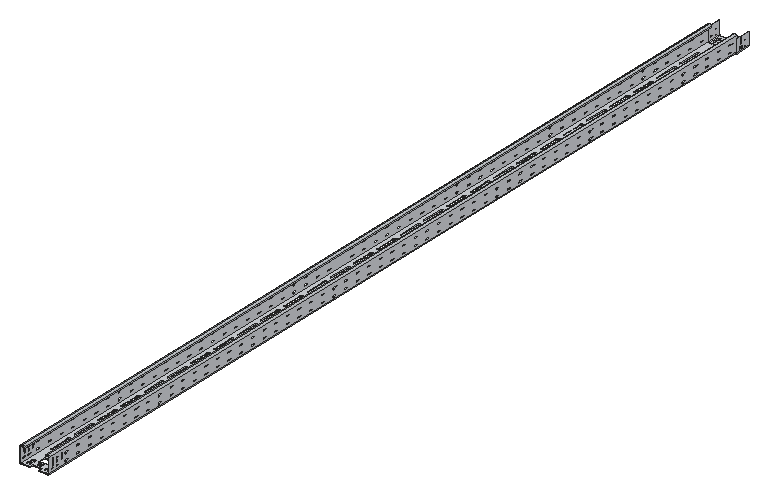
Revit family "Kabelrinne MKS Magic-MKSM Kabelrinne 1 mm, FT,FS", category Generic Models, Revit 2017 (continued)
Forms (mm)
  Extrusion 137, void
    sketch origin (0, 2540.664, 0) x (0, 1, 0) y (0, 0, 1)
      loop
        arc (69.75, 17.5) -> (66.25, 14) -> (69.75, 10.5) r 3.5
        line (69.75, 10.5) -> (82.75, 10.5)
        arc (82.75, 10.5) -> (86.25, 14) -> (82.75, 17.5) r 3.5
    from -49.999 to -48.999
  Extrusion 138, void
    sketch origin (0, 2591.478, 0) x (0, 1, 0) y (0, 0, 1)
      loop
        line (82.75, 17.5) -> (69.75, 17.5)
        arc (69.75, 17.5) -> (66.25, 14) -> (69.75, 10.5) r 3.5
        line (69.75, 10.5) -> (82.75, 10.5)
        arc (82.75, 10.5) -> (86.25, 14) -> (82.75, 17.5) r 3.5
    from -49.999 to -48.999
  Extrusion 139, void
    sketch origin (0, 2642.291, 0) x (0, 1, 0) y (0, 0, 1)
      loop
        line (82.75, 17.5) -> (69.75, 17.5)
        arc (69.75, 17.5) -> (66.25, 14) -> (69.75, 10.5) r 3.5
        line (69.75, 10.5) -> (82.75, 10.5)
        arc (82.75, 10.5) -> (86.25, 14) -> (82.75, 17.5) r 3.5
    from -49.999 to -48.999
  Extrusion 140, void
    sketch origin (0, 2693.105, 0) x (0, 1, 0) y (0, 0, 1)
      loop
        line (82.75, 17.5) -> (69.75, 17.5)
        arc (69.75, 17.5) -> (66.25, 14) -> (69.75, 10.5) r 3.5
        line (69.75, 10.5) -> (82.75, 10.5)
        arc (82.75, 10.5) -> (86.25, 14) -> (82.75, 17.5) r 3.5
    from -49.999 to -48.999
  Extrusion 141, void
    sketch origin (0, 2743.919, 0) x (0, 1, 0) y (0, 0, 1)
      loop
        line (82.75, 17.5) -> (69.75, 17.5)
        arc (69.75, 17.5) -> (66.25, 14) -> (69.75, 10.5) r 3.5
        line (69.75, 10.5) -> (82.75, 10.5)
        arc (82.75, 10.5) -> (86.25, 14) -> (82.75, 17.5) r 3.5
    from -49.999 to -48.999
  Extrusion 142, void
    sketch origin (0, 2794.732, 0) x (0, 1, 0) y (0, 0, 1)
      loop
        line (82.75, 17.5) -> (69.75, 17.5)
        arc (69.75, 17.5) -> (66.25, 14) -> (69.75, 10.5) r 3.5
        line (69.75, 10.5) -> (82.75, 10.5)
        arc (82.75, 10.5) -> (86.25, 14) -> (82.75, 17.5) r 3.5
    from -49.999 to -48.999
  Extrusion 143, void
    sketch origin (0, 2845.546, 0) x (0, 1, 0) y (0, 0, 1)
      loop
        line (82.75, 17.5) -> (69.75, 17.5)
        arc (69.75, 17.5) -> (66.25, 14) -> (69.75, 10.5) r 3.5
        line (69.75, 10.5) -> (82.75, 10.5)
        arc (82.75, 10.5) -> (86.25, 14) -> (82.75, 17.5) r 3.5
    from -49.999 to -48.999
  Extrusion 144, void
    sketch origin (0, 2896.36, 0) x (0, 1, 0) y (0, 0, 1)
      loop
        line (82.75, 17.5) -> (69.75, 17.5)
        arc (69.75, 17.5) -> (66.25, 14) -> (69.75, 10.5) r 3.5
        line (69.75, 10.5) -> (82.75, 10.5)
        arc (82.75, 10.5) -> (86.25, 14) -> (82.75, 17.5) r 3.5
    from -49.999 to -48.999
  Extrusion 145, void
    sketch origin (0, 0, 0) x (0, 1, 0) y (0, 0, 1)
      loop
        line (82.75, 42.5) -> (69.75, 42.5)
        arc (69.75, 42.5) -> (66.25, 39) -> (69.75, 35.5) r 3.5
        line (69.75, 35.5) -> (82.75, 35.5)
        arc (82.75, 35.5) -> (86.25, 39) -> (82.75, 42.5) r 3.5
    from -49.999 to -48.999
  Extrusion 146, void
    sketch origin (0, 0, 0) x (0, 1, 0) y (0, 0, 1)
      loop
        arc (69.75, 42.5) -> (66.25, 39) -> (69.75, 35.5) r 3.5
        line (69.75, 35.5) -> (82.75, 35.5)
        arc (82.75, 35.5) -> (86.25, 39) -> (82.75, 42.5) r 3.5
        line (82.75, 42.5) -> (69.75, 42.5)
    from 49.001 to 50.001
  Extrusion 147, void
    sketch origin (0, 50.816, 0) x (0, 1, 0) y (0, 0, 1)
      loop
        line (82.75, 42.5) -> (69.75, 42.5)
        arc (69.75, 42.5) -> (66.25, 39) -> (69.75, 35.5) r 3.5
        line (69.75, 35.5) -> (82.75, 35.5)
        arc (82.75, 35.5) -> (86.25, 39) -> (82.75, 42.5) r 3.5
    from -49.999 to -48.999
  Extrusion 148, void
    sketch origin (0, 101.626, 0) x (0, 1, 0) y (0, 0, 1)
      loop
        line (82.75, 42.5) -> (69.75, 42.5)
        arc (69.75, 42.5) -> (66.25, 39) -> (69.75, 35.5) r 3.5
        line (69.75, 35.5) -> (82.75, 35.5)
        arc (82.75, 35.5) -> (86.25, 39) -> (82.75, 42.5) r 3.5
    from -49.999 to -48.999
  Extrusion 149, void
    sketch origin (0, 152.437, 0) x (0, 1, 0) y (0, 0, 1)
      loop
        line (82.75, 42.5) -> (69.75, 42.5)
        arc (69.75, 42.5) -> (66.25, 39) -> (69.75, 35.5) r 3.5
        line (69.75, 35.5) -> (82.75, 35.5)
        arc (82.75, 35.5) -> (86.25, 39) -> (82.75, 42.5) r 3.5
    from -49.999 to -48.999
  Extrusion 150, void
    sketch origin (0, 203.247, 0) x (0, 1, 0) y (0, 0, 1)
      loop
        line (82.75, 42.5) -> (69.75, 42.5)
        arc (69.75, 42.5) -> (66.25, 39) -> (69.75, 35.5) r 3.5
        line (69.75, 35.5) -> (82.75, 35.5)
        arc (82.75, 35.5) -> (86.25, 39) -> (82.75, 42.5) r 3.5
    from -49.999 to -48.999
  Extrusion 151, void
    sketch origin (0, 254.057, 0) x (0, 1, 0) y (0, 0, 1)
      loop
        line (82.75, 42.5) -> (69.75, 42.5)
        arc (69.75, 42.5) -> (66.25, 39) -> (69.75, 35.5) r 3.5
        line (69.75, 35.5) -> (82.75, 35.5)
        arc (82.75, 35.5) -> (86.25, 39) -> (82.75, 42.5) r 3.5
    from -49.999 to -48.999
  Extrusion 152, void
    sketch origin (0, 304.867, 0) x (0, 1, 0) y (0, 0, 1)
      loop
        line (82.75, 42.5) -> (69.75, 42.5)
        arc (69.75, 42.5) -> (66.25, 39) -> (69.75, 35.5) r 3.5
        line (69.75, 35.5) -> (82.75, 35.5)
        arc (82.75, 35.5) -> (86.25, 39) -> (82.75, 42.5) r 3.5
    from -49.999 to -48.999
  Extrusion 153, void
    sketch origin (0, 355.678, 0) x (0, 1, 0) y (0, 0, 1)
      loop
        line (82.75, 42.5) -> (69.75, 42.5)
        arc (69.75, 42.5) -> (66.25, 39) -> (69.75, 35.5) r 3.5
        line (69.75, 35.5) -> (82.75, 35.5)
        arc (82.75, 35.5) -> (86.25, 39) -> (82.75, 42.5) r 3.5
    from -49.999 to -48.999
  Extrusion 154, void
    sketch origin (0, 406.488, 0) x (0, 1, 0) y (0, 0, 1)
      loop
        line (82.75, 42.5) -> (69.75, 42.5)
        arc (69.75, 42.5) -> (66.25, 39) -> (69.75, 35.5) r 3.5
        line (69.75, 35.5) -> (82.75, 35.5)
        arc (82.75, 35.5) -> (86.25, 39) -> (82.75, 42.5) r 3.5
    from -49.999 to -48.999
  Extrusion 155, void
    sketch origin (0, 457.298, 0) x (0, 1, 0) y (0, 0, 1)
      loop
        line (82.75, 42.5) -> (69.75, 42.5)
        arc (69.75, 42.5) -> (66.25, 39) -> (69.75, 35.5) r 3.5
        line (69.75, 35.5) -> (82.75, 35.5)
        arc (82.75, 35.5) -> (86.25, 39) -> (82.75, 42.5) r 3.5
    from -49.999 to -48.999
  Extrusion 156, void
    sketch origin (0, 508.109, 0) x (0, 1, 0) y (0, 0, 1)
      loop
        line (82.75, 42.5) -> (69.75, 42.5)
        arc (69.75, 42.5) -> (66.25, 39) -> (69.75, 35.5) r 3.5
        line (69.75, 35.5) -> (82.75, 35.5)
        arc (82.75, 35.5) -> (86.25, 39) -> (82.75, 42.5) r 3.5
    from -49.999 to -48.999
  Extrusion 157, void
    sketch origin (0, 558.919, 0) x (0, 1, 0) y (0, 0, 1)
      loop
        line (82.75, 42.5) -> (69.75, 42.5)
        arc (69.75, 42.5) -> (66.25, 39) -> (69.75, 35.5) r 3.5
        line (69.75, 35.5) -> (82.75, 35.5)
        arc (82.75, 35.5) -> (86.25, 39) -> (82.75, 42.5) r 3.5
    from -49.999 to -48.999
  Extrusion 158, void
    sketch origin (0, 609.729, 0) x (0, 1, 0) y (0, 0, 1)
      loop
        line (82.75, 42.5) -> (69.75, 42.5)
        arc (69.75, 42.5) -> (66.25, 39) -> (69.75, 35.5) r 3.5
        line (69.75, 35.5) -> (82.75, 35.5)
        arc (82.75, 35.5) -> (86.25, 39) -> (82.75, 42.5) r 3.5
    from -49.999 to -48.999
  Extrusion 159, void
    sketch origin (0, 660.54, 0) x (0, 1, 0) y (0, 0, 1)
      loop
        line (82.75, 42.5) -> (69.75, 42.5)
        arc (69.75, 42.5) -> (66.25, 39) -> (69.75, 35.5) r 3.5
        line (69.75, 35.5) -> (82.75, 35.5)
        arc (82.75, 35.5) -> (86.25, 39) -> (82.75, 42.5) r 3.5
    from -49.999 to -48.999
  Extrusion 160, void
    sketch origin (0, 711.35, 0) x (0, 1, 0) y (0, 0, 1)
      loop
        line (82.75, 42.5) -> (69.75, 42.5)
        arc (69.75, 42.5) -> (66.25, 39) -> (69.75, 35.5) r 3.5
        line (69.75, 35.5) -> (82.75, 35.5)
        arc (82.75, 35.5) -> (86.25, 39) -> (82.75, 42.5) r 3.5
    from -49.999 to -48.999
  Extrusion 161, void
    sketch origin (0, 762.16, 0) x (0, 1, 0) y (0, 0, 1)
      loop
        line (82.75, 42.5) -> (69.75, 42.5)
        arc (69.75, 42.5) -> (66.25, 39) -> (69.75, 35.5) r 3.5
        line (69.75, 35.5) -> (82.75, 35.5)
        arc (82.75, 35.5) -> (86.25, 39) -> (82.75, 42.5) r 3.5
    from -49.999 to -48.999
  Extrusion 162, void
    sketch origin (0, 812.97, 0) x (0, 1, 0) y (0, 0, 1)
      loop
        line (82.75, 42.5) -> (69.75, 42.5)
        arc (69.75, 42.5) -> (66.25, 39) -> (69.75, 35.5) r 3.5
        line (69.75, 35.5) -> (82.75, 35.5)
        arc (82.75, 35.5) -> (86.25, 39) -> (82.75, 42.5) r 3.5
    from -49.999 to -48.999
  Extrusion 163, void
    sketch origin (0, 863.781, 0) x (0, 1, 0) y (0, 0, 1)
      loop
        line (82.75, 42.5) -> (69.75, 42.5)
        arc (69.75, 42.5) -> (66.25, 39) -> (69.75, 35.5) r 3.5
        line (69.75, 35.5) -> (82.75, 35.5)
        arc (82.75, 35.5) -> (86.25, 39) -> (82.75, 42.5) r 3.5
    from -49.999 to -48.999
  Extrusion 164, void
    sketch origin (0, 914.591, 0) x (0, 1, 0) y (0, 0, 1)
      loop
        line (82.75, 42.5) -> (69.75, 42.5)
        arc (69.75, 42.5) -> (66.25, 39) -> (69.75, 35.5) r 3.5
        line (69.75, 35.5) -> (82.75, 35.5)
        arc (82.75, 35.5) -> (86.25, 39) -> (82.75, 42.5) r 3.5
    from -49.999 to -48.999
  Extrusion 165, void
    sketch origin (0, 965.401, 0) x (0, 1, 0) y (0, 0, 1)
      loop
        line (82.75, 42.5) -> (69.75, 42.5)
        arc (69.75, 42.5) -> (66.25, 39) -> (69.75, 35.5) r 3.5
        line (69.75, 35.5) -> (82.75, 35.5)
        arc (82.75, 35.5) -> (86.25, 39) -> (82.75, 42.5) r 3.5
    from -49.999 to -48.999
  Extrusion 166, void
    sketch origin (0, 1016.212, 0) x (0, 1, 0) y (0, 0, 1)
      loop
        line (82.75, 42.5) -> (69.75, 42.5)
        arc (69.75, 42.5) -> (66.25, 39) -> (69.75, 35.5) r 3.5
        line (69.75, 35.5) -> (82.75, 35.5)
        arc (82.75, 35.5) -> (86.25, 39) -> (82.75, 42.5) r 3.5
    from -49.999 to -48.999
  Extrusion 167, void
    sketch origin (0, 1067.022, 0) x (0, 1, 0) y (0, 0, 1)
      loop
        line (82.75, 42.5) -> (69.75, 42.5)
        arc (69.75, 42.5) -> (66.25, 39) -> (69.75, 35.5) r 3.5
        line (69.75, 35.5) -> (82.75, 35.5)
        arc (82.75, 35.5) -> (86.25, 39) -> (82.75, 42.5) r 3.5
    from -49.999 to -48.999
  Extrusion 168, void
    sketch origin (0, 1117.832, 0) x (0, 1, 0) y (0, 0, 1)
      loop
        line (82.75, 42.5) -> (69.75, 42.5)
        arc (69.75, 42.5) -> (66.25, 39) -> (69.75, 35.5) r 3.5
        line (69.75, 35.5) -> (82.75, 35.5)
        arc (82.75, 35.5) -> (86.25, 39) -> (82.75, 42.5) r 3.5
    from -49.999 to -48.999
  Extrusion 169, void
    sketch origin (0, 1168.643, 0) x (0, 1, 0) y (0, 0, 1)
      loop
        line (82.75, 42.5) -> (69.75, 42.5)
        arc (69.75, 42.5) -> (66.25, 39) -> (69.75, 35.5) r 3.5
        line (69.75, 35.5) -> (82.75, 35.5)
        arc (82.75, 35.5) -> (86.25, 39) -> (82.75, 42.5) r 3.5
    from -49.999 to -48.999
  Extrusion 170, void
    sketch origin (0, 1219.453, 0) x (0, 1, 0) y (0, 0, 1)
      loop
        line (82.75, 42.5) -> (69.75, 42.5)
        arc (69.75, 42.5) -> (66.25, 39) -> (69.75, 35.5) r 3.5
        line (69.75, 35.5) -> (82.75, 35.5)
        arc (82.75, 35.5) -> (86.25, 39) -> (82.75, 42.5) r 3.5
    from -49.999 to -48.999
  Extrusion 171, void
    sketch origin (0, 1270.263, 0) x (0, 1, 0) y (0, 0, 1)
      loop
        line (82.75, 42.5) -> (69.75, 42.5)
        arc (69.75, 42.5) -> (66.25, 39) -> (69.75, 35.5) r 3.5
        line (69.75, 35.5) -> (82.75, 35.5)
        arc (82.75, 35.5) -> (86.25, 39) -> (82.75, 42.5) r 3.5
    from -49.999 to -48.999
  Extrusion 172, void
    sketch origin (0, 1321.073, 0) x (0, 1, 0) y (0, 0, 1)
      loop
        line (82.75, 42.5) -> (69.75, 42.5)
        arc (69.75, 42.5) -> (66.25, 39) -> (69.75, 35.5) r 3.5
        line (69.75, 35.5) -> (82.75, 35.5)
        arc (82.75, 35.5) -> (86.25, 39) -> (82.75, 42.5) r 3.5
    from -49.999 to -48.999
  Extrusion 173, void
    sketch origin (0, 1371.884, 0) x (0, 1, 0) y (0, 0, 1)
      loop
        line (82.75, 42.5) -> (69.75, 42.5)
        arc (69.75, 42.5) -> (66.25, 39) -> (69.75, 35.5) r 3.5
        line (69.75, 35.5) -> (82.75, 35.5)
        arc (82.75, 35.5) -> (86.25, 39) -> (82.75, 42.5) r 3.5
    from -49.999 to -48.999
  Extrusion 174, void
    sketch origin (0, 1422.694, 0) x (0, 1, 0) y (0, 0, 1)
      loop
        line (82.75, 42.5) -> (69.75, 42.5)
        arc (69.75, 42.5) -> (66.25, 39) -> (69.75, 35.5) r 3.5
        line (69.75, 35.5) -> (82.75, 35.5)
        arc (82.75, 35.5) -> (86.25, 39) -> (82.75, 42.5) r 3.5
    from -49.999 to -48.999
  Extrusion 175, void
    sketch origin (0, 1473.504, 0) x (0, 1, 0) y (0, 0, 1)
      loop
        line (82.75, 42.5) -> (69.75, 42.5)
        arc (69.75, 42.5) -> (66.25, 39) -> (69.75, 35.5) r 3.5
        line (69.75, 35.5) -> (82.75, 35.5)
        arc (82.75, 35.5) -> (86.25, 39) -> (82.75, 42.5) r 3.5
    from -49.999 to -48.999
  Extrusion 176, void
    sketch origin (0, 1524.315, 0) x (0, 1, 0) y (0, 0, 1)
      loop
        line (82.75, 42.5) -> (69.75, 42.5)
        arc (69.75, 42.5) -> (66.25, 39) -> (69.75, 35.5) r 3.5
        line (69.75, 35.5) -> (82.75, 35.5)
        arc (82.75, 35.5) -> (86.25, 39) -> (82.75, 42.5) r 3.5
    from -49.999 to -48.999
  Extrusion 177, void
    sketch origin (0, 1575.125, 0) x (0, 1, 0) y (0, 0, 1)
      loop
        line (82.75, 42.5) -> (69.75, 42.5)
        arc (69.75, 42.5) -> (66.25, 39) -> (69.75, 35.5) r 3.5
        line (69.75, 35.5) -> (82.75, 35.5)
        arc (82.75, 35.5) -> (86.25, 39) -> (82.75, 42.5) r 3.5
    from -49.999 to -48.999
  Extrusion 178, void
    sketch origin (0, 1625.935, 0) x (0, 1, 0) y (0, 0, 1)
      loop
        line (82.75, 42.5) -> (69.75, 42.5)
        arc (69.75, 42.5) -> (66.25, 39) -> (69.75, 35.5) r 3.5
        line (69.75, 35.5) -> (82.75, 35.5)
        arc (82.75, 35.5) -> (86.25, 39) -> (82.75, 42.5) r 3.5
    from -49.999 to -48.999
  Extrusion 179, void
    sketch origin (0, 1676.746, 0) x (0, 1, 0) y (0, 0, 1)
      loop
        line (82.75, 42.5) -> (69.75, 42.5)
        arc (69.75, 42.5) -> (66.25, 39) -> (69.75, 35.5) r 3.5
        line (69.75, 35.5) -> (82.75, 35.5)
        arc (82.75, 35.5) -> (86.25, 39) -> (82.75, 42.5) r 3.5
    from -49.999 to -48.999
  Extrusion 180, void
    sketch origin (0, 1727.556, 0) x (0, 1, 0) y (0, 0, 1)
      loop
        line (82.75, 42.5) -> (69.75, 42.5)
        arc (69.75, 42.5) -> (66.25, 39) -> (69.75, 35.5) r 3.5
        line (69.75, 35.5) -> (82.75, 35.5)
        arc (82.75, 35.5) -> (86.25, 39) -> (82.75, 42.5) r 3.5
    from -49.999 to -48.999
  Extrusion 181, void
    sketch origin (0, 1778.366, 0) x (0, 1, 0) y (0, 0, 1)
      loop
        line (82.75, 42.5) -> (69.75, 42.5)
        arc (69.75, 42.5) -> (66.25, 39) -> (69.75, 35.5) r 3.5
        line (69.75, 35.5) -> (82.75, 35.5)
        arc (82.75, 35.5) -> (86.25, 39) -> (82.75, 42.5) r 3.5
    from -49.999 to -48.999
  Extrusion 182, void
    sketch origin (0, 1829.176, 0) x (0, 1, 0) y (0, 0, 1)
      loop
        line (82.75, 42.5) -> (69.75, 42.5)
        arc (69.75, 42.5) -> (66.25, 39) -> (69.75, 35.5) r 3.5
        line (69.75, 35.5) -> (82.75, 35.5)
        arc (82.75, 35.5) -> (86.25, 39) -> (82.75, 42.5) r 3.5
    from -49.999 to -48.999
  Extrusion 183, void
    sketch origin (0, 1879.987, 0) x (0, 1, 0) y (0, 0, 1)
      loop
        line (82.75, 42.5) -> (69.75, 42.5)
        arc (69.75, 42.5) -> (66.25, 39) -> (69.75, 35.5) r 3.5
        line (69.75, 35.5) -> (82.75, 35.5)
        arc (82.75, 35.5) -> (86.25, 39) -> (82.75, 42.5) r 3.5
    from -49.999 to -48.999
  Extrusion 184, void
    sketch origin (0, 1930.797, 0) x (0, 1, 0) y (0, 0, 1)
      loop
        line (82.75, 42.5) -> (69.75, 42.5)
        arc (69.75, 42.5) -> (66.25, 39) -> (69.75, 35.5) r 3.5
        line (69.75, 35.5) -> (82.75, 35.5)
        arc (82.75, 35.5) -> (86.25, 39) -> (82.75, 42.5) r 3.5
    from -49.999 to -48.999
  Extrusion 185, void
    sketch origin (0, 1981.607, 0) x (0, 1, 0) y (0, 0, 1)
      loop
        line (82.75, 42.5) -> (69.75, 42.5)
        arc (69.75, 42.5) -> (66.25, 39) -> (69.75, 35.5) r 3.5
        line (69.75, 35.5) -> (82.75, 35.5)
        arc (82.75, 35.5) -> (86.25, 39) -> (82.75, 42.5) r 3.5
    from -49.999 to -48.999
  Extrusion 186, void
    sketch origin (0, 2032.418, 0) x (0, 1, 0) y (0, 0, 1)
      loop
        line (82.75, 42.5) -> (69.75, 42.5)
        arc (69.75, 42.5) -> (66.25, 39) -> (69.75, 35.5) r 3.5
        line (69.75, 35.5) -> (82.75, 35.5)
        arc (82.75, 35.5) -> (86.25, 39) -> (82.75, 42.5) r 3.5
    from -49.999 to -48.999
  Extrusion 187, void
    sketch origin (0, 2083.228, 0) x (0, 1, 0) y (0, 0, 1)
      loop
        line (82.75, 42.5) -> (69.75, 42.5)
        arc (69.75, 42.5) -> (66.25, 39) -> (69.75, 35.5) r 3.5
        line (69.75, 35.5) -> (82.75, 35.5)
        arc (82.75, 35.5) -> (86.25, 39) -> (82.75, 42.5) r 3.5
    from -49.999 to -48.999
  Extrusion 188, void
    sketch origin (0, 2134.038, 0) x (0, 1, 0) y (0, 0, 1)
      loop
        line (82.75, 42.5) -> (69.75, 42.5)
        arc (69.75, 42.5) -> (66.25, 39) -> (69.75, 35.5) r 3.5
        line (69.75, 35.5) -> (82.75, 35.5)
        arc (82.75, 35.5) -> (86.25, 39) -> (82.75, 42.5) r 3.5
    from -49.999 to -48.999
  Extrusion 189, void
    sketch origin (0, 2184.849, 0) x (0, 1, 0) y (0, 0, 1)
      loop
        line (82.75, 42.5) -> (69.75, 42.5)
        arc (69.75, 42.5) -> (66.25, 39) -> (69.75, 35.5) r 3.5
        line (69.75, 35.5) -> (82.75, 35.5)
        arc (82.75, 35.5) -> (86.25, 39) -> (82.75, 42.5) r 3.5
    from -49.999 to -48.999
  Extrusion 190, void
    sketch origin (0, 2235.659, 0) x (0, 1, 0) y (0, 0, 1)
      loop
        line (82.75, 42.5) -> (69.75, 42.5)
        arc (69.75, 42.5) -> (66.25, 39) -> (69.75, 35.5) r 3.5
        line (69.75, 35.5) -> (82.75, 35.5)
        arc (82.75, 35.5) -> (86.25, 39) -> (82.75, 42.5) r 3.5
    from -49.999 to -48.999
  Extrusion 191, void
    sketch origin (0, 2286.469, 0) x (0, 1, 0) y (0, 0, 1)
      loop
        line (82.75, 42.5) -> (69.75, 42.5)
        arc (69.75, 42.5) -> (66.25, 39) -> (69.75, 35.5) r 3.5
        line (69.75, 35.5) -> (82.75, 35.5)
        arc (82.75, 35.5) -> (86.25, 39) -> (82.75, 42.5) r 3.5
    from -49.999 to -48.999
  Extrusion 192, void
    sketch origin (0, 2337.279, 0) x (0, 1, 0) y (0, 0, 1)
      loop
        line (82.75, 42.5) -> (69.75, 42.5)
        arc (69.75, 42.5) -> (66.25, 39) -> (69.75, 35.5) r 3.5
        line (69.75, 35.5) -> (82.75, 35.5)
        arc (82.75, 35.5) -> (86.25, 39) -> (82.75, 42.5) r 3.5
    from -49.999 to -48.999
  Extrusion 193, void
    sketch origin (0, 2388.09, 0) x (0, 1, 0) y (0, 0, 1)
      loop
        line (82.75, 42.5) -> (69.75, 42.5)
        arc (69.75, 42.5) -> (66.25, 39) -> (69.75, 35.5) r 3.5
        line (69.75, 35.5) -> (82.75, 35.5)
        arc (82.75, 35.5) -> (86.25, 39) -> (82.75, 42.5) r 3.5
    from -49.999 to -48.999
  Extrusion 194, void
    sketch origin (0, 2438.9, 0) x (0, 1, 0) y (0, 0, 1)
      loop
        line (82.75, 42.5) -> (69.75, 42.5)
        arc (69.75, 42.5) -> (66.25, 39) -> (69.75, 35.5) r 3.5
        line (69.75, 35.5) -> (82.75, 35.5)
        arc (82.75, 35.5) -> (86.25, 39) -> (82.75, 42.5) r 3.5
    from -49.999 to -48.999
  Extrusion 195, void
    sketch origin (0, 2489.71, 0) x (0, 1, 0) y (0, 0, 1)
      loop
        line (82.75, 42.5) -> (69.75, 42.5)
        arc (69.75, 42.5) -> (66.25, 39) -> (69.75, 35.5) r 3.5
        line (69.75, 35.5) -> (82.75, 35.5)
        arc (82.75, 35.5) -> (86.25, 39) -> (82.75, 42.5) r 3.5
    from -49.999 to -48.999
  Extrusion 196, void
    sketch origin (0, 2540.521, 0) x (0, 1, 0) y (0, 0, 1)
      loop
        line (82.75, 42.5) -> (69.75, 42.5)
        arc (69.75, 42.5) -> (66.25, 39) -> (69.75, 35.5) r 3.5
        line (69.75, 35.5) -> (82.75, 35.5)
        arc (82.75, 35.5) -> (86.25, 39) -> (82.75, 42.5) r 3.5
    from -49.999 to -48.999
  Extrusion 197, void
    sketch origin (0, 2591.331, 0) x (0, 1, 0) y (0, 0, 1)
      loop
        line (82.75, 42.5) -> (69.75, 42.5)
        arc (69.75, 42.5) -> (66.25, 39) -> (69.75, 35.5) r 3.5
        line (69.75, 35.5) -> (82.75, 35.5)
        arc (82.75, 35.5) -> (86.25, 39) -> (82.75, 42.5) r 3.5
    from -49.999 to -48.999
  Extrusion 198, void
    sketch origin (0, 2642.141, 0) x (0, 1, 0) y (0, 0, 1)
      loop
        line (82.75, 42.5) -> (69.75, 42.5)
        arc (69.75, 42.5) -> (66.25, 39) -> (69.75, 35.5) r 3.5
        line (69.75, 35.5) -> (82.75, 35.5)
        arc (82.75, 35.5) -> (86.25, 39) -> (82.75, 42.5) r 3.5
    from -49.999 to -48.999
  Extrusion 199, void
    sketch origin (0, 2692.952, 0) x (0, 1, 0) y (0, 0, 1)
      loop
        line (82.75, 42.5) -> (69.75, 42.5)
        arc (69.75, 42.5) -> (66.25, 39) -> (69.75, 35.5) r 3.5
        line (69.75, 35.5) -> (82.75, 35.5)
        arc (82.75, 35.5) -> (86.25, 39) -> (82.75, 42.5) r 3.5
    from -49.999 to -48.999
  Extrusion 200, void
    sketch origin (0, 2743.762, 0) x (0, 1, 0) y (0, 0, 1)
      loop
        line (82.75, 42.5) -> (69.75, 42.5)
        arc (69.75, 42.5) -> (66.25, 39) -> (69.75, 35.5) r 3.5
        line (69.75, 35.5) -> (82.75, 35.5)
        arc (82.75, 35.5) -> (86.25, 39) -> (82.75, 42.5) r 3.5
    from -49.999 to -48.999
  Extrusion 201, void
    sketch origin (0, 2794.572, 0) x (0, 1, 0) y (0, 0, 1)
      loop
        line (82.75, 42.5) -> (69.75, 42.5)
        arc (69.75, 42.5) -> (66.25, 39) -> (69.75, 35.5) r 3.5
        line (69.75, 35.5) -> (82.75, 35.5)
        arc (82.75, 35.5) -> (86.25, 39) -> (82.75, 42.5) r 3.5
    from -49.999 to -48.999
  Extrusion 202, void
    sketch origin (0, 2845.383, 0) x (0, 1, 0) y (0, 0, 1)
      loop
        line (82.75, 42.5) -> (69.75, 42.5)
        arc (69.75, 42.5) -> (66.25, 39) -> (69.75, 35.5) r 3.5
        line (69.75, 35.5) -> (82.75, 35.5)
        arc (82.75, 35.5) -> (86.25, 39) -> (82.75, 42.5) r 3.5
    from -49.999 to -48.999
  Extrusion 203, void
    sketch origin (0, 2896.193, 0) x (0, 1, 0) y (0, 0, 1)
      loop
        line (82.75, 42.5) -> (69.75, 42.5)
        arc (69.75, 42.5) -> (66.25, 39) -> (69.75, 35.5) r 3.5
        line (69.75, 35.5) -> (82.75, 35.5)
        arc (82.75, 35.5) -> (86.25, 39) -> (82.75, 42.5) r 3.5
    from -49.999 to -48.999
  Extrusion 204, void
    sketch origin (0, 50.83, 0) x (0, 1, 0) y (0, 0, 1)
      loop
        arc (69.75, 42.5) -> (66.25, 39) -> (69.75, 35.5) r 3.5
        line (69.75, 35.5) -> (82.75, 35.5)
        arc (82.75, 35.5) -> (86.25, 39) -> (82.75, 42.5) r 3.5
        line (82.75, 42.5) -> (69.75, 42.5)
    from 49.001 to 50.001
  Extrusion 205, void
    sketch origin (0, 101.64, 0) x (0, 1, 0) y (0, 0, 1)
      loop
        arc (69.75, 42.5) -> (66.25, 39) -> (69.75, 35.5) r 3.5
        line (69.75, 35.5) -> (82.75, 35.5)
        arc (82.75, 35.5) -> (86.25, 39) -> (82.75, 42.5) r 3.5
        line (82.75, 42.5) -> (69.75, 42.5)
    from 49.001 to 50.001
  Extrusion 206, void
    sketch origin (0, 152.45, 0) x (0, 1, 0) y (0, 0, 1)
      loop
        arc (69.75, 42.5) -> (66.25, 39) -> (69.75, 35.5) r 3.5
        line (69.75, 35.5) -> (82.75, 35.5)
        arc (82.75, 35.5) -> (86.25, 39) -> (82.75, 42.5) r 3.5
        line (82.75, 42.5) -> (69.75, 42.5)
    from 49.001 to 50.001
  Extrusion 207, void
    sketch origin (0, 203.261, 0) x (0, 1, 0) y (0, 0, 1)
      loop
        arc (69.75, 42.5) -> (66.25, 39) -> (69.75, 35.5) r 3.5
        line (69.75, 35.5) -> (82.75, 35.5)
        arc (82.75, 35.5) -> (86.25, 39) -> (82.75, 42.5) r 3.5
        line (82.75, 42.5) -> (69.75, 42.5)
    from 49.001 to 50.001
  Extrusion 208, void
    sketch origin (0, 254.071, 0) x (0, 1, 0) y (0, 0, 1)
      loop
        arc (69.75, 42.5) -> (66.25, 39) -> (69.75, 35.5) r 3.5
        line (69.75, 35.5) -> (82.75, 35.5)
        arc (82.75, 35.5) -> (86.25, 39) -> (82.75, 42.5) r 3.5
        line (82.75, 42.5) -> (69.75, 42.5)
    from 49.001 to 50.001
  Extrusion 209, void
    sketch origin (0, 304.881, 0) x (0, 1, 0) y (0, 0, 1)
      loop
        arc (69.75, 42.5) -> (66.25, 39) -> (69.75, 35.5) r 3.5
        line (69.75, 35.5) -> (82.75, 35.5)
        arc (82.75, 35.5) -> (86.25, 39) -> (82.75, 42.5) r 3.5
        line (82.75, 42.5) -> (69.75, 42.5)
    from 49.001 to 50.001
  Extrusion 210, void
    sketch origin (0, 355.691, 0) x (0, 1, 0) y (0, 0, 1)
      loop
        arc (69.75, 42.5) -> (66.25, 39) -> (69.75, 35.5) r 3.5
        line (69.75, 35.5) -> (82.75, 35.5)
        arc (82.75, 35.5) -> (86.25, 39) -> (82.75, 42.5) r 3.5
        line (82.75, 42.5) -> (69.75, 42.5)
    from 49.001 to 50.001
  Extrusion 211, void
    sketch origin (0, 406.502, 0) x (0, 1, 0) y (0, 0, 1)
      loop
        arc (69.75, 42.5) -> (66.25, 39) -> (69.75, 35.5) r 3.5
        line (69.75, 35.5) -> (82.75, 35.5)
        arc (82.75, 35.5) -> (86.25, 39) -> (82.75, 42.5) r 3.5
        line (82.75, 42.5) -> (69.75, 42.5)
    from 49.001 to 50.001
  Extrusion 212, void
    sketch origin (0, 457.312, 0) x (0, 1, 0) y (0, 0, 1)
      loop
        arc (69.75, 42.5) -> (66.25, 39) -> (69.75, 35.5) r 3.5
        line (69.75, 35.5) -> (82.75, 35.5)
        arc (82.75, 35.5) -> (86.25, 39) -> (82.75, 42.5) r 3.5
        line (82.75, 42.5) -> (69.75, 42.5)
    from 49.001 to 50.001
  Extrusion 213, void
    sketch origin (0, 508.122, 0) x (0, 1, 0) y (0, 0, 1)
      loop
        arc (69.75, 42.5) -> (66.25, 39) -> (69.75, 35.5) r 3.5
        line (69.75, 35.5) -> (82.75, 35.5)
        arc (82.75, 35.5) -> (86.25, 39) -> (82.75, 42.5) r 3.5
        line (82.75, 42.5) -> (69.75, 42.5)
    from 49.001 to 50.001
  Extrusion 214, void
    sketch origin (0, 558.933, 0) x (0, 1, 0) y (0, 0, 1)
      loop
        arc (69.75, 42.5) -> (66.25, 39) -> (69.75, 35.5) r 3.5
        line (69.75, 35.5) -> (82.75, 35.5)
        arc (82.75, 35.5) -> (86.25, 39) -> (82.75, 42.5) r 3.5
        line (82.75, 42.5) -> (69.75, 42.5)
    from 49.001 to 50.001
  Extrusion 215, void
    sketch origin (0, 609.743, 0) x (0, 1, 0) y (0, 0, 1)
      loop
        arc (69.75, 42.5) -> (66.25, 39) -> (69.75, 35.5) r 3.5
        line (69.75, 35.5) -> (82.75, 35.5)
        arc (82.75, 35.5) -> (86.25, 39) -> (82.75, 42.5) r 3.5
        line (82.75, 42.5) -> (69.75, 42.5)
    from 49.001 to 50.001
  Extrusion 216, void
    sketch origin (0, 660.553, 0) x (0, 1, 0) y (0, 0, 1)
      loop
        arc (69.75, 42.5) -> (66.25, 39) -> (69.75, 35.5) r 3.5
        line (69.75, 35.5) -> (82.75, 35.5)
        arc (82.75, 35.5) -> (86.25, 39) -> (82.75, 42.5) r 3.5
        line (82.75, 42.5) -> (69.75, 42.5)
    from 49.001 to 50.001
  Extrusion 217, void
    sketch origin (0, 711.364, 0) x (0, 1, 0) y (0, 0, 1)
      loop
        arc (69.75, 42.5) -> (66.25, 39) -> (69.75, 35.5) r 3.5
        line (69.75, 35.5) -> (82.75, 35.5)
        arc (82.75, 35.5) -> (86.25, 39) -> (82.75, 42.5) r 3.5
        line (82.75, 42.5) -> (69.75, 42.5)
    from 49.001 to 50.001
  Extrusion 218, void
    sketch origin (0, 762.174, 0) x (0, 1, 0) y (0, 0, 1)
      loop
        arc (69.75, 42.5) -> (66.25, 39) -> (69.75, 35.5) r 3.5
        line (69.75, 35.5) -> (82.75, 35.5)
        arc (82.75, 35.5) -> (86.25, 39) -> (82.75, 42.5) r 3.5
        line (82.75, 42.5) -> (69.75, 42.5)
    from 49.001 to 50.001
  Extrusion 219, void
    sketch origin (0, 812.984, 0) x (0, 1, 0) y (0, 0, 1)
      loop
        arc (69.75, 42.5) -> (66.25, 39) -> (69.75, 35.5) r 3.5
        line (69.75, 35.5) -> (82.75, 35.5)
        arc (82.75, 35.5) -> (86.25, 39) -> (82.75, 42.5) r 3.5
        line (82.75, 42.5) -> (69.75, 42.5)
    from 49.001 to 50.001
  Extrusion 220, void
    sketch origin (0, 863.794, 0) x (0, 1, 0) y (0, 0, 1)
      loop
        arc (69.75, 42.5) -> (66.25, 39) -> (69.75, 35.5) r 3.5
        line (69.75, 35.5) -> (82.75, 35.5)
        arc (82.75, 35.5) -> (86.25, 39) -> (82.75, 42.5) r 3.5
        line (82.75, 42.5) -> (69.75, 42.5)
    from 49.001 to 50.001
  Extrusion 221, void
    sketch origin (0, 914.605, 0) x (0, 1, 0) y (0, 0, 1)
      loop
        arc (69.75, 42.5) -> (66.25, 39) -> (69.75, 35.5) r 3.5
        line (69.75, 35.5) -> (82.75, 35.5)
        arc (82.75, 35.5) -> (86.25, 39) -> (82.75, 42.5) r 3.5
        line (82.75, 42.5) -> (69.75, 42.5)
    from 49.001 to 50.001
  Extrusion 222, void
    sketch origin (0, 965.415, 0) x (0, 1, 0) y (0, 0, 1)
      loop
        arc (69.75, 42.5) -> (66.25, 39) -> (69.75, 35.5) r 3.5
        line (69.75, 35.5) -> (82.75, 35.5)
        arc (82.75, 35.5) -> (86.25, 39) -> (82.75, 42.5) r 3.5
        line (82.75, 42.5) -> (69.75, 42.5)
    from 49.001 to 50.001
  Extrusion 223, void
    sketch origin (0, 1016.225, 0) x (0, 1, 0) y (0, 0, 1)
      loop
        arc (69.75, 42.5) -> (66.25, 39) -> (69.75, 35.5) r 3.5
        line (69.75, 35.5) -> (82.75, 35.5)
        arc (82.75, 35.5) -> (86.25, 39) -> (82.75, 42.5) r 3.5
        line (82.75, 42.5) -> (69.75, 42.5)
    from 49.001 to 50.001
  Extrusion 224, void
    sketch origin (0, 1067.036, 0) x (0, 1, 0) y (0, 0, 1)
      loop
        arc (69.75, 42.5) -> (66.25, 39) -> (69.75, 35.5) r 3.5
        line (69.75, 35.5) -> (82.75, 35.5)
        arc (82.75, 35.5) -> (86.25, 39) -> (82.75, 42.5) r 3.5
        line (82.75, 42.5) -> (69.75, 42.5)
    from 49.001 to 50.001
  Extrusion 225, void
    sketch origin (0, 1117.846, 0) x (0, 1, 0) y (0, 0, 1)
      loop
        arc (69.75, 42.5) -> (66.25, 39) -> (69.75, 35.5) r 3.5
        line (69.75, 35.5) -> (82.75, 35.5)
        arc (82.75, 35.5) -> (86.25, 39) -> (82.75, 42.5) r 3.5
        line (82.75, 42.5) -> (69.75, 42.5)
    from 49.001 to 50.001
  Extrusion 226, void
    sketch origin (0, 1168.656, 0) x (0, 1, 0) y (0, 0, 1)
      loop
        arc (69.75, 42.5) -> (66.25, 39) -> (69.75, 35.5) r 3.5
        line (69.75, 35.5) -> (82.75, 35.5)
        arc (82.75, 35.5) -> (86.25, 39) -> (82.75, 42.5) r 3.5
        line (82.75, 42.5) -> (69.75, 42.5)
    from 49.001 to 50.001
  Extrusion 227, void
    sketch origin (0, 1219.467, 0) x (0, 1, 0) y (0, 0, 1)
      loop
        arc (69.75, 42.5) -> (66.25, 39) -> (69.75, 35.5) r 3.5
        line (69.75, 35.5) -> (82.75, 35.5)
        arc (82.75, 35.5) -> (86.25, 39) -> (82.75, 42.5) r 3.5
        line (82.75, 42.5) -> (69.75, 42.5)
    from 49.001 to 50.001
  Extrusion 228, void
    sketch origin (0, 1270.277, 0) x (0, 1, 0) y (0, 0, 1)
      loop
        arc (69.75, 42.5) -> (66.25, 39) -> (69.75, 35.5) r 3.5
        line (69.75, 35.5) -> (82.75, 35.5)
        arc (82.75, 35.5) -> (86.25, 39) -> (82.75, 42.5) r 3.5
        line (82.75, 42.5) -> (69.75, 42.5)
    from 49.001 to 50.001
  Extrusion 229, void
    sketch origin (0, 1321.087, 0) x (0, 1, 0) y (0, 0, 1)
      loop
        arc (69.75, 42.5) -> (66.25, 39) -> (69.75, 35.5) r 3.5
        line (69.75, 35.5) -> (82.75, 35.5)
        arc (82.75, 35.5) -> (86.25, 39) -> (82.75, 42.5) r 3.5
        line (82.75, 42.5) -> (69.75, 42.5)
    from 49.001 to 50.001
  Extrusion 230, void
    sketch origin (0, 1371.897, 0) x (0, 1, 0) y (0, 0, 1)
      loop
        arc (69.75, 42.5) -> (66.25, 39) -> (69.75, 35.5) r 3.5
        line (69.75, 35.5) -> (82.75, 35.5)
        arc (82.75, 35.5) -> (86.25, 39) -> (82.75, 42.5) r 3.5
        line (82.75, 42.5) -> (69.75, 42.5)
    from 49.001 to 50.001
  Extrusion 231, void
    sketch origin (0, 1422.708, 0) x (0, 1, 0) y (0, 0, 1)
      loop
        arc (69.75, 42.5) -> (66.25, 39) -> (69.75, 35.5) r 3.5
        line (69.75, 35.5) -> (82.75, 35.5)
        arc (82.75, 35.5) -> (86.25, 39) -> (82.75, 42.5) r 3.5
        line (82.75, 42.5) -> (69.75, 42.5)
    from 49.001 to 50.001
  Extrusion 232, void
    sketch origin (0, 1473.518, 0) x (0, 1, 0) y (0, 0, 1)
      loop
        arc (69.75, 42.5) -> (66.25, 39) -> (69.75, 35.5) r 3.5
        line (69.75, 35.5) -> (82.75, 35.5)
        arc (82.75, 35.5) -> (86.25, 39) -> (82.75, 42.5) r 3.5
        line (82.75, 42.5) -> (69.75, 42.5)
    from 49.001 to 50.001
  Extrusion 233, void
    sketch origin (0, 1524.328, 0) x (0, 1, 0) y (0, 0, 1)
      loop
        arc (69.75, 42.5) -> (66.25, 39) -> (69.75, 35.5) r 3.5
        line (69.75, 35.5) -> (82.75, 35.5)
        arc (82.75, 35.5) -> (86.25, 39) -> (82.75, 42.5) r 3.5
        line (82.75, 42.5) -> (69.75, 42.5)
    from 49.001 to 50.001
  Extrusion 234, void
    sketch origin (0, 1575.139, 0) x (0, 1, 0) y (0, 0, 1)
      loop
        arc (69.75, 42.5) -> (66.25, 39) -> (69.75, 35.5) r 3.5
        line (69.75, 35.5) -> (82.75, 35.5)
        arc (82.75, 35.5) -> (86.25, 39) -> (82.75, 42.5) r 3.5
        line (82.75, 42.5) -> (69.75, 42.5)
    from 49.001 to 50.001
  Extrusion 235, void
    sketch origin (0, 1625.949, 0) x (0, 1, 0) y (0, 0, 1)
      loop
        arc (69.75, 42.5) -> (66.25, 39) -> (69.75, 35.5) r 3.5
        line (69.75, 35.5) -> (82.75, 35.5)
        arc (82.75, 35.5) -> (86.25, 39) -> (82.75, 42.5) r 3.5
        line (82.75, 42.5) -> (69.75, 42.5)
    from 49.001 to 50.001
  Extrusion 236, void
    sketch origin (0, 1676.759, 0) x (0, 1, 0) y (0, 0, 1)
      loop
        arc (69.75, 42.5) -> (66.25, 39) -> (69.75, 35.5) r 3.5
        line (69.75, 35.5) -> (82.75, 35.5)
        arc (82.75, 35.5) -> (86.25, 39) -> (82.75, 42.5) r 3.5
        line (82.75, 42.5) -> (69.75, 42.5)
    from 49.001 to 50.001
  Extrusion 237, void
    sketch origin (0, 1727.57, 0) x (0, 1, 0) y (0, 0, 1)
      loop
        arc (69.75, 42.5) -> (66.25, 39) -> (69.75, 35.5) r 3.5
        line (69.75, 35.5) -> (82.75, 35.5)
        arc (82.75, 35.5) -> (86.25, 39) -> (82.75, 42.5) r 3.5
        line (82.75, 42.5) -> (69.75, 42.5)
    from 49.001 to 50.001
  Extrusion 238, void
    sketch origin (0, 1778.38, 0) x (0, 1, 0) y (0, 0, 1)
      loop
        arc (69.75, 42.5) -> (66.25, 39) -> (69.75, 35.5) r 3.5
        line (69.75, 35.5) -> (82.75, 35.5)
        arc (82.75, 35.5) -> (86.25, 39) -> (82.75, 42.5) r 3.5
        line (82.75, 42.5) -> (69.75, 42.5)
    from 49.001 to 50.001
  Extrusion 239, void
    sketch origin (0, 1829.19, 0) x (0, 1, 0) y (0, 0, 1)
      loop
        arc (69.75, 42.5) -> (66.25, 39) -> (69.75, 35.5) r 3.5
        line (69.75, 35.5) -> (82.75, 35.5)
        arc (82.75, 35.5) -> (86.25, 39) -> (82.75, 42.5) r 3.5
        line (82.75, 42.5) -> (69.75, 42.5)
    from 49.001 to 50.001
  Extrusion 240, void
    sketch origin (0, 1880, 0) x (0, 1, 0) y (0, 0, 1)
      loop
        arc (69.75, 42.5) -> (66.25, 39) -> (69.75, 35.5) r 3.5
        line (69.75, 35.5) -> (82.75, 35.5)
        arc (82.75, 35.5) -> (86.25, 39) -> (82.75, 42.5) r 3.5
        line (82.75, 42.5) -> (69.75, 42.5)
    from 49.001 to 50.001
  Extrusion 241, void
    sketch origin (0, 1930.811, 0) x (0, 1, 0) y (0, 0, 1)
      loop
        arc (69.75, 42.5) -> (66.25, 39) -> (69.75, 35.5) r 3.5
        line (69.75, 35.5) -> (82.75, 35.5)
        arc (82.75, 35.5) -> (86.25, 39) -> (82.75, 42.5) r 3.5
        line (82.75, 42.5) -> (69.75, 42.5)
    from 49.001 to 50.001
  Extrusion 242, void
    sketch origin (0, 1981.621, 0) x (0, 1, 0) y (0, 0, 1)
      loop
        arc (69.75, 42.5) -> (66.25, 39) -> (69.75, 35.5) r 3.5
        line (69.75, 35.5) -> (82.75, 35.5)
        arc (82.75, 35.5) -> (86.25, 39) -> (82.75, 42.5) r 3.5
        line (82.75, 42.5) -> (69.75, 42.5)
    from 49.001 to 50.001
  Extrusion 243, void
    sketch origin (0, 2032.431, 0) x (0, 1, 0) y (0, 0, 1)
      loop
        arc (69.75, 42.5) -> (66.25, 39) -> (69.75, 35.5) r 3.5
        line (69.75, 35.5) -> (82.75, 35.5)
        arc (82.75, 35.5) -> (86.25, 39) -> (82.75, 42.5) r 3.5
        line (82.75, 42.5) -> (69.75, 42.5)
    from 49.001 to 50.001
  Extrusion 244, void
    sketch origin (0, 2083.242, 0) x (0, 1, 0) y (0, 0, 1)
      loop
        arc (69.75, 42.5) -> (66.25, 39) -> (69.75, 35.5) r 3.5
        line (69.75, 35.5) -> (82.75, 35.5)
        arc (82.75, 35.5) -> (86.25, 39) -> (82.75, 42.5) r 3.5
        line (82.75, 42.5) -> (69.75, 42.5)
    from 49.001 to 50.001
  Extrusion 245, void
    sketch origin (0, 2134.052, 0) x (0, 1, 0) y (0, 0, 1)
      loop
        arc (69.75, 42.5) -> (66.25, 39) -> (69.75, 35.5) r 3.5
        line (69.75, 35.5) -> (82.75, 35.5)
        arc (82.75, 35.5) -> (86.25, 39) -> (82.75, 42.5) r 3.5
        line (82.75, 42.5) -> (69.75, 42.5)
    from 49.001 to 50.001
  Extrusion 246, void
    sketch origin (0, 2184.862, 0) x (0, 1, 0) y (0, 0, 1)
      loop
        arc (69.75, 42.5) -> (66.25, 39) -> (69.75, 35.5) r 3.5
        line (69.75, 35.5) -> (82.75, 35.5)
        arc (82.75, 35.5) -> (86.25, 39) -> (82.75, 42.5) r 3.5
        line (82.75, 42.5) -> (69.75, 42.5)
    from 49.001 to 50.001
  Extrusion 247, void
    sketch origin (0, 2235.673, 0) x (0, 1, 0) y (0, 0, 1)
      loop
        arc (69.75, 42.5) -> (66.25, 39) -> (69.75, 35.5) r 3.5
        line (69.75, 35.5) -> (82.75, 35.5)
        arc (82.75, 35.5) -> (86.25, 39) -> (82.75, 42.5) r 3.5
        line (82.75, 42.5) -> (69.75, 42.5)
    from 49.001 to 50.001
  Extrusion 248, void
    sketch origin (0, 2286.483, 0) x (0, 1, 0) y (0, 0, 1)
      loop
        arc (69.75, 42.5) -> (66.25, 39) -> (69.75, 35.5) r 3.5
        line (69.75, 35.5) -> (82.75, 35.5)
        arc (82.75, 35.5) -> (86.25, 39) -> (82.75, 42.5) r 3.5
        line (82.75, 42.5) -> (69.75, 42.5)
    from 49.001 to 50.001
  Extrusion 249, void
    sketch origin (0, 2337.293, 0) x (0, 1, 0) y (0, 0, 1)
      loop
        arc (69.75, 42.5) -> (66.25, 39) -> (69.75, 35.5) r 3.5
        line (69.75, 35.5) -> (82.75, 35.5)
        arc (82.75, 35.5) -> (86.25, 39) -> (82.75, 42.5) r 3.5
        line (82.75, 42.5) -> (69.75, 42.5)
    from 49.001 to 50.001
  Extrusion 250, void
    sketch origin (0, 2388.103, 0) x (0, 1, 0) y (0, 0, 1)
      loop
        arc (69.75, 42.5) -> (66.25, 39) -> (69.75, 35.5) r 3.5
        line (69.75, 35.5) -> (82.75, 35.5)
        arc (82.75, 35.5) -> (86.25, 39) -> (82.75, 42.5) r 3.5
        line (82.75, 42.5) -> (69.75, 42.5)
    from 49.001 to 50.001
  Extrusion 251, void
    sketch origin (0, 2438.914, 0) x (0, 1, 0) y (0, 0, 1)
      loop
        arc (69.75, 42.5) -> (66.25, 39) -> (69.75, 35.5) r 3.5
        line (69.75, 35.5) -> (82.75, 35.5)
        arc (82.75, 35.5) -> (86.25, 39) -> (82.75, 42.5) r 3.5
        line (82.75, 42.5) -> (69.75, 42.5)
    from 49.001 to 50.001
  Extrusion 252, void
    sketch origin (0, 2489.724, 0) x (0, 1, 0) y (0, 0, 1)
      loop
        arc (69.75, 42.5) -> (66.25, 39) -> (69.75, 35.5) r 3.5
        line (69.75, 35.5) -> (82.75, 35.5)
        arc (82.75, 35.5) -> (86.25, 39) -> (82.75, 42.5) r 3.5
        line (82.75, 42.5) -> (69.75, 42.5)
    from 49.001 to 50.001
  Extrusion 253, void
    sketch origin (0, 2540.534, 0) x (0, 1, 0) y (0, 0, 1)
      loop
        arc (69.75, 42.5) -> (66.25, 39) -> (69.75, 35.5) r 3.5
        line (69.75, 35.5) -> (82.75, 35.5)
        arc (82.75, 35.5) -> (86.25, 39) -> (82.75, 42.5) r 3.5
        line (82.75, 42.5) -> (69.75, 42.5)
    from 49.001 to 50.001
  Extrusion 254, void
    sketch origin (0, 2591.345, 0) x (0, 1, 0) y (0, 0, 1)
      loop
        arc (69.75, 42.5) -> (66.25, 39) -> (69.75, 35.5) r 3.5
        line (69.75, 35.5) -> (82.75, 35.5)
        arc (82.75, 35.5) -> (86.25, 39) -> (82.75, 42.5) r 3.5
        line (82.75, 42.5) -> (69.75, 42.5)
    from 49.001 to 50.001
  Extrusion 255, void
    sketch origin (0, 2642.155, 0) x (0, 1, 0) y (0, 0, 1)
      loop
        arc (69.75, 42.5) -> (66.25, 39) -> (69.75, 35.5) r 3.5
        line (69.75, 35.5) -> (82.75, 35.5)
        arc (82.75, 35.5) -> (86.25, 39) -> (82.75, 42.5) r 3.5
        line (82.75, 42.5) -> (69.75, 42.5)
    from 49.001 to 50.001
  Extrusion 256, void
    sketch origin (0, 2692.965, 0) x (0, 1, 0) y (0, 0, 1)
      loop
        arc (69.75, 42.5) -> (66.25, 39) -> (69.75, 35.5) r 3.5
        line (69.75, 35.5) -> (82.75, 35.5)
        arc (82.75, 35.5) -> (86.25, 39) -> (82.75, 42.5) r 3.5
        line (82.75, 42.5) -> (69.75, 42.5)
    from 49.001 to 50.001
  Extrusion 257, void
    sketch origin (0, 2743.776, 0) x (0, 1, 0) y (0, 0, 1)
      loop
        arc (69.75, 42.5) -> (66.25, 39) -> (69.75, 35.5) r 3.5
        line (69.75, 35.5) -> (82.75, 35.5)
        arc (82.75, 35.5) -> (86.25, 39) -> (82.75, 42.5) r 3.5
        line (82.75, 42.5) -> (69.75, 42.5)
    from 49.001 to 50.001
  Extrusion 258, void
    sketch origin (0, 2794.586, 0) x (0, 1, 0) y (0, 0, 1)
      loop
        arc (69.75, 42.5) -> (66.25, 39) -> (69.75, 35.5) r 3.5
        line (69.75, 35.5) -> (82.75, 35.5)
        arc (82.75, 35.5) -> (86.25, 39) -> (82.75, 42.5) r 3.5
        line (82.75, 42.5) -> (69.75, 42.5)
    from 49.001 to 50.001
  Extrusion 259, void
    sketch origin (0, 2845.396, 0) x (0, 1, 0) y (0, 0, 1)
      loop
        arc (69.75, 42.5) -> (66.25, 39) -> (69.75, 35.5) r 3.5
        line (69.75, 35.5) -> (82.75, 35.5)
        arc (82.75, 35.5) -> (86.25, 39) -> (82.75, 42.5) r 3.5
        line (82.75, 42.5) -> (69.75, 42.5)
    from 49.001 to 50.001
  Extrusion 260, void
    sketch origin (0, 2896.207, 0) x (0, 1, 0) y (0, 0, 1)
      loop
        arc (69.75, 42.5) -> (66.25, 39) -> (69.75, 35.5) r 3.5
        line (69.75, 35.5) -> (82.75, 35.5)
        arc (82.75, 35.5) -> (86.25, 39) -> (82.75, 42.5) r 3.5
        line (82.75, 42.5) -> (69.75, 42.5)
    from 49.001 to 50.001
  Extrusion 261, void
    sketch origin (0, 0, 0) x (1, 0, 0) y (0, 1, 0)
      loop
        line (-14.999, 3048.338) -> (-14.999, 3037.29) -> (15.001, 3037.29) -> (15.001, 3048.338) -> (16.165, 3050) -> (-16.162, 3050) -> (-14.999, 3048.338)
    from -1.808 to 0
  Extrusion 262, void
    sketch origin (0, 0, 0) x (1, 0, 0) y (0, 1, 0)
      loop
        line (15, 12.71) -> (-15, 12.71) -> (-15, 1.865) -> (-15.606, 0) -> (15.679, 0) -> (15, 1.865) -> (15, 12.71)
    from 0 to 1
  Extrusion 263, void
    sketch origin (0, 0, 0) x (1, 0, 0) y (0, 1, 0)
      loop
        line (-15, 63.54) -> (-15, 38.12) -> (15, 38.12) -> (15, 63.54) -> (-15, 63.54)
    from 0 to 1
  Extrusion 264, void
    sketch origin (0, 0, 0) x (1, 0, 0) y (0, 1, 0)
      loop
        line (-14.999, 3012.71) -> (-14.999, 2987.29) -> (15.001, 2987.29) -> (15.001, 3012.71) -> (-14.999, 3012.71)
    from -1.808 to 1
  Extrusion 265, void
    sketch origin (0, 50.837, 0) x (1, 0, 0) y (0, 1, 0)
      loop
        line (-15, 63.54) -> (-15, 38.12) -> (15, 38.12) -> (15, 63.54) -> (-15, 63.54)
    from 0 to 1
  Extrusion 266, void
    sketch origin (0, 101.674, 0) x (1, 0, 0) y (0, 1, 0)
      loop
        line (-15, 63.54) -> (-15, 38.12) -> (15, 38.12) -> (15, 63.54) -> (-15, 63.54)
    from 0 to 1
  Extrusion 267, void
    sketch origin (0, 152.511, 0) x (1, 0, 0) y (0, 1, 0)
      loop
        line (-15, 63.54) -> (-15, 38.12) -> (15, 38.12) -> (15, 63.54) -> (-15, 63.54)
    from 0 to 1
  Extrusion 268, void
    sketch origin (0, 203.348, 0) x (1, 0, 0) y (0, 1, 0)
      loop
        line (-15, 63.54) -> (-15, 38.12) -> (15, 38.12) -> (15, 63.54) -> (-15, 63.54)
    from 0 to 1
  Extrusion 269, void
    sketch origin (0, 254.185, 0) x (1, 0, 0) y (0, 1, 0)
      loop
        line (-15, 63.54) -> (-15, 38.12) -> (15, 38.12) -> (15, 63.54) -> (-15, 63.54)
    from 0 to 1
  Extrusion 270, void
    sketch origin (0, 305.022, 0) x (1, 0, 0) y (0, 1, 0)
      loop
        line (-15, 63.54) -> (-15, 38.12) -> (15, 38.12) -> (15, 63.54) -> (-15, 63.54)
    from 0 to 1
  Extrusion 271, void
    sketch origin (0, 355.859, 0) x (1, 0, 0) y (0, 1, 0)
      loop
        line (-15, 63.54) -> (-15, 38.12) -> (15, 38.12) -> (15, 63.54) -> (-15, 63.54)
    from 0 to 1
  Extrusion 272, void
    sketch origin (0, 406.696, 0) x (1, 0, 0) y (0, 1, 0)
      loop
        line (-15, 63.54) -> (-15, 38.12) -> (15, 38.12) -> (15, 63.54) -> (-15, 63.54)
    from 0 to 1
  Extrusion 273, void
    sketch origin (0, 457.533, 0) x (1, 0, 0) y (0, 1, 0)
      loop
        line (-15, 63.54) -> (-15, 38.12) -> (15, 38.12) -> (15, 63.54) -> (-15, 63.54)
    from 0 to 1
  Extrusion 274, void
    sketch origin (0, 508.37, 0) x (1, 0, 0) y (0, 1, 0)
      loop
        line (-15, 63.54) -> (-15, 38.12) -> (15, 38.12) -> (15, 63.54) -> (-15, 63.54)
    from 0 to 1
  Extrusion 275, void
    sketch origin (0, 559.207, 0) x (1, 0, 0) y (0, 1, 0)
      loop
        line (-15, 63.54) -> (-15, 38.12) -> (15, 38.12) -> (15, 63.54) -> (-15, 63.54)
    from 0 to 1
  Extrusion 276, void
    sketch origin (0, 610.044, 0) x (1, 0, 0) y (0, 1, 0)
      loop
        line (-15, 63.54) -> (-15, 38.12) -> (15, 38.12) -> (15, 63.54) -> (-15, 63.54)
    from 0 to 1
  Extrusion 277, void
    sketch origin (0, 660.881, 0) x (1, 0, 0) y (0, 1, 0)
      loop
        line (-15, 63.54) -> (-15, 38.12) -> (15, 38.12) -> (15, 63.54) -> (-15, 63.54)
    from 0 to 1
  Extrusion 278, void
    sketch origin (0, 711.718, 0) x (1, 0, 0) y (0, 1, 0)
      loop
        line (-15, 63.54) -> (-15, 38.12) -> (15, 38.12) -> (15, 63.54) -> (-15, 63.54)
    from 0 to 1
  Extrusion 279, void
    sketch origin (0, 762.555, 0) x (1, 0, 0) y (0, 1, 0)
      loop
        line (-15, 63.54) -> (-15, 38.12) -> (15, 38.12) -> (15, 63.54) -> (-15, 63.54)
    from 0 to 1
  Extrusion 280, void
    sketch origin (0, 813.392, 0) x (1, 0, 0) y (0, 1, 0)
      loop
        line (-15, 63.54) -> (-15, 38.12) -> (15, 38.12) -> (15, 63.54) -> (-15, 63.54)
    from 0 to 1
  Extrusion 281, void
    sketch origin (0, 864.229, 0) x (1, 0, 0) y (0, 1, 0)
      loop
        line (-15, 63.54) -> (-15, 38.12) -> (15, 38.12) -> (15, 63.54) -> (-15, 63.54)
    from 0 to 1
  Extrusion 282, void
    sketch origin (0, 915.066, 0) x (1, 0, 0) y (0, 1, 0)
      loop
        line (-15, 63.54) -> (-15, 38.12) -> (15, 38.12) -> (15, 63.54) -> (-15, 63.54)
    from 0 to 1
  Extrusion 283, void
    sketch origin (0, 965.903, 0) x (1, 0, 0) y (0, 1, 0)
      loop
        line (-15, 63.54) -> (-15, 38.12) -> (15, 38.12) -> (15, 63.54) -> (-15, 63.54)
    from 0 to 1
  Extrusion 284, void
    sketch origin (0, 1016.74, 0) x (1, 0, 0) y (0, 1, 0)
      loop
        line (-15, 63.54) -> (-15, 38.12) -> (15, 38.12) -> (15, 63.54) -> (-15, 63.54)
    from 0 to 1
  Extrusion 285, void
    sketch origin (0, 1067.577, 0) x (1, 0, 0) y (0, 1, 0)
      loop
        line (-15, 63.54) -> (-15, 38.12) -> (15, 38.12) -> (15, 63.54) -> (-15, 63.54)
    from 0 to 1
  Extrusion 286, void
    sketch origin (0, 1118.414, 0) x (1, 0, 0) y (0, 1, 0)
      loop
        line (-15, 63.54) -> (-15, 38.12) -> (15, 38.12) -> (15, 63.54) -> (-15, 63.54)
    from 0 to 1
  Extrusion 287, void
    sketch origin (0, 1169.251, 0) x (1, 0, 0) y (0, 1, 0)
      loop
        line (-15, 63.54) -> (-15, 38.12) -> (15, 38.12) -> (15, 63.54) -> (-15, 63.54)
    from 0 to 1
  Extrusion 288, void
    sketch origin (0, 1220.088, 0) x (1, 0, 0) y (0, 1, 0)
      loop
        line (-15, 63.54) -> (-15, 38.12) -> (15, 38.12) -> (15, 63.54) -> (-15, 63.54)
    from 0 to 1
  Extrusion 289, void
    sketch origin (0, 1270.925, 0) x (1, 0, 0) y (0, 1, 0)
      loop
        line (-15, 63.54) -> (-15, 38.12) -> (15, 38.12) -> (15, 63.54) -> (-15, 63.54)
    from 0 to 1
  Extrusion 290, void
    sketch origin (0, 1321.762, 0) x (1, 0, 0) y (0, 1, 0)
      loop
        line (-15, 63.54) -> (-15, 38.12) -> (15, 38.12) -> (15, 63.54) -> (-15, 63.54)
    from 0 to 1
  Extrusion 291, void
    sketch origin (0, 1372.599, 0) x (1, 0, 0) y (0, 1, 0)
      loop
        line (-15, 63.54) -> (-15, 38.12) -> (15, 38.12) -> (15, 63.54) -> (-15, 63.54)
    from 0 to 1
  Extrusion 292, void
    sketch origin (0, 1423.436, 0) x (1, 0, 0) y (0, 1, 0)
      loop
        line (-15, 63.54) -> (-15, 38.12) -> (15, 38.12) -> (15, 63.54) -> (-15, 63.54)
    from 0 to 1
  Extrusion 293, void
    sketch origin (0, 1474.273, 0) x (1, 0, 0) y (0, 1, 0)
      loop
        line (-15, 63.54) -> (-15, 38.12) -> (15, 38.12) -> (15, 63.54) -> (-15, 63.54)
    from 0 to 1
  Extrusion 294, void
    sketch origin (0, 1525.11, 0) x (1, 0, 0) y (0, 1, 0)
      loop
        line (-15, 63.54) -> (-15, 38.12) -> (15, 38.12) -> (15, 63.54) -> (-15, 63.54)
    from 0 to 1
  Extrusion 295, void
    sketch origin (0, 1575.947, 0) x (1, 0, 0) y (0, 1, 0)
      loop
        line (-15, 63.54) -> (-15, 38.12) -> (15, 38.12) -> (15, 63.54) -> (-15, 63.54)
    from 0 to 1
  Extrusion 296, void
    sketch origin (0, 1626.784, 0) x (1, 0, 0) y (0, 1, 0)
      loop
        line (-15, 63.54) -> (-15, 38.12) -> (15, 38.12) -> (15, 63.54) -> (-15, 63.54)
    from 0 to 1
  Extrusion 297, void
    sketch origin (0, 1677.621, 0) x (1, 0, 0) y (0, 1, 0)
      loop
        line (-15, 63.54) -> (-15, 38.12) -> (15, 38.12) -> (15, 63.54) -> (-15, 63.54)
    from 0 to 1
  Extrusion 298, void
    sketch origin (0, 1728.458, 0) x (1, 0, 0) y (0, 1, 0)
      loop
        line (-15, 63.54) -> (-15, 38.12) -> (15, 38.12) -> (15, 63.54) -> (-15, 63.54)
    from 0 to 1
  Extrusion 299, void
    sketch origin (0, 1779.295, 0) x (1, 0, 0) y (0, 1, 0)
      loop
        line (-15, 63.54) -> (-15, 38.12) -> (15, 38.12) -> (15, 63.54) -> (-15, 63.54)
    from 0 to 1
  Extrusion 300, void
    sketch origin (0, 1830.132, 0) x (1, 0, 0) y (0, 1, 0)
      loop
        line (-15, 63.54) -> (-15, 38.12) -> (15, 38.12) -> (15, 63.54) -> (-15, 63.54)
    from 0 to 1
  Extrusion 301, void
    sketch origin (0, 1880.969, 0) x (1, 0, 0) y (0, 1, 0)
      loop
        line (-15, 63.54) -> (-15, 38.12) -> (15, 38.12) -> (15, 63.54) -> (-15, 63.54)
    from 0 to 1
  Extrusion 302, void
    sketch origin (0, 1931.806, 0) x (1, 0, 0) y (0, 1, 0)
      loop
        line (-15, 63.54) -> (-15, 38.12) -> (15, 38.12) -> (15, 63.54) -> (-15, 63.54)
    from 0 to 1
  Extrusion 303, void
    sketch origin (0, 1982.643, 0) x (1, 0, 0) y (0, 1, 0)
      loop
        line (-15, 63.54) -> (-15, 38.12) -> (15, 38.12) -> (15, 63.54) -> (-15, 63.54)
    from 0 to 1
  Extrusion 304, void
    sketch origin (0, 2033.48, 0) x (1, 0, 0) y (0, 1, 0)
      loop
        line (-15, 63.54) -> (-15, 38.12) -> (15, 38.12) -> (15, 63.54) -> (-15, 63.54)
    from 0 to 1
  Extrusion 305, void
    sketch origin (0, 2084.317, 0) x (1, 0, 0) y (0, 1, 0)
      loop
        line (-15, 63.54) -> (-15, 38.12) -> (15, 38.12) -> (15, 63.54) -> (-15, 63.54)
    from 0 to 1
  Extrusion 306, void
    sketch origin (0, 2135.154, 0) x (1, 0, 0) y (0, 1, 0)
      loop
        line (-15, 63.54) -> (-15, 38.12) -> (15, 38.12) -> (15, 63.54) -> (-15, 63.54)
    from 0 to 1
  Extrusion 307, void
    sketch origin (0, 2185.991, 0) x (1, 0, 0) y (0, 1, 0)
      loop
        line (-15, 63.54) -> (-15, 38.12) -> (15, 38.12) -> (15, 63.54) -> (-15, 63.54)
    from 0 to 1
